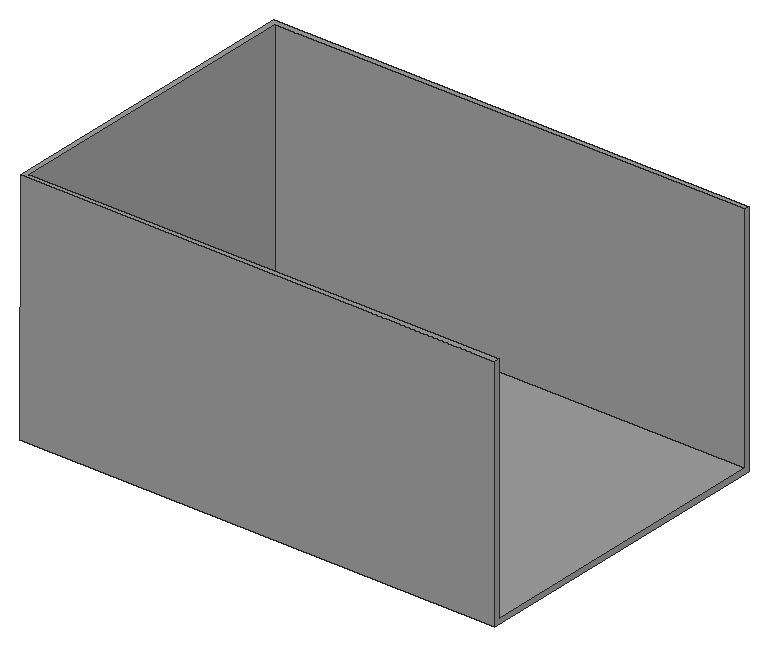
Revit family "Flashing_Preformed_Hyload_StopEnd", category Generic Models, Revit 2014
Parameters (values of type "4 inch")
  Unit Width = 0' - 4"
  Unit Height = 0' - 3"
  Unit Depth = 0' - 6"
  URL = "http://www.hyload.com/"
  Thickness = 0' - 0 1/16"
  Specification = "http://www.arcat.com/sdspecs/htm04/07_65_00hyl.htm"
  Sales Information = "http://www.hyload.com/contact-us"
  Revision = "R1_12-2015"
  Product Properties = "http://www.hyload.com/masonry-flashing/preformed-shapes/"
  Product Data = "http://www.arcat.com/arcatcos/cos33/arc33176.html"
  Model = "4 in Stop End"
  Manufacturer Website = "http://www.hyload.com/"
  Manufacturer Phone - Toll Free = "800-457-4056"
  Manufacturer Phone = "330-769-3546"
  Manufacturer Fax = "330-769-4153"
  Manufacturer Address = "5020 Panther Pkwy., Seville, OH 44273"
  Manufacturer = "Hyload"
  Keynote = "07 65 00"
  Flashing Material = Hyload Flashing Membrane - Grey
  Drawn By = "Robert S. Weygant / Sumex Design"
  Description = "Preformed Hyload Masonry Flashing - 4 in Stop End"
  Copyright = "(c) ARCAT, Inc, 2015"
  Construction Details = "http://www.arcat.com/details/hyload/hyload.html?coid=33176"
  Assembly Code = "B3010400"
Types (3): name | Unit Width | Model | Description
  4 inch | 0' - 4" | "4 in Stop End" | "Preformed Hyload Masonry Flashing - 4 in Stop End"
  6 inch | 0' - 6" | "6 in Stop End" | "Preformed Hyload Masonry Flashing - 6 in Stop End"
  8 inch | 0' - 8" | "8 in Stop End" | "Preformed Hyload Masonry Flashing - 8 in Stop End"
Reference planes (in)
  plane 1 "Center (Front/Back)": y = 0
  plane 2: z = 0
  plane 3 "Center (Left/Right)": x = 0
  plane 4: y = 4
  plane 5: x = 6
  plane 6: z = 3
Forms (in)
  Extrusion 1, solid, material "Hyload Flashing Membrane - Grey" <- "Flashing Material"
    sketch origin (0, 0, 0) x (1, 0, 0) y (0, 1, 0)
      loop
        line (0, 4) -> (0, 0) -> (6, 0) -> (6, 4) -> (0, 4)
    from 0 to 0.0625 <- "Thickness"
  Extrusion 2, solid, material "Hyload Flashing Membrane - Grey" <- "Flashing Material"
    sketch origin (0, 0, 0) x (1, 0, 0) y (0, 1, 0)
      loop
        line (0, 4) -> (0, 0) -> (6, 0) -> (6, 0.0625) -> (0.0625, 0.0625) -> (0.0625, 3.9375) -> (6, 3.9375) -> (6, 4) -> (0, 4)
    from 0 to 3 <- "Unit Height"
Cuts and joins
  joined: Extrusion 1, Extrusion 2
Dimensions and locks (in)
  "Unit Width": plane 1 "Center (Front/Back)" to plane 4
  "Unit Depth": plane 3 "Center (Left/Right)" to plane 5
  "Unit Height": plane 6 to level
  "Thickness": plane 1 "Center (Front/Back)" to Extrusion 2 sketch curve
  "Thickness": plane 3 "Center (Left/Right)" to Extrusion 2 sketch curve
  plane 3 "Center (Left/Right)" to Extrusion 2 = 0' - 6"
  "Thickness": plane 4 to Extrusion 2 sketch curve
  aligned and locked: plane 2 to level
  aligned and locked: Extrusion 1 sketch curve to plane 4
  aligned and locked: plane 3 "Center (Left/Right)" to Extrusion 1 sketch curve
  aligned and locked: Extrusion 1 sketch curve to plane 1 "Center (Front/Back)"
  aligned and locked: Extrusion 1 sketch curve to plane 5
  aligned and locked: plane 4 to Extrusion 2 sketch curve
  aligned and locked: Extrusion 2 sketch curve to plane 3 "Center (Left/Right)"
  aligned and locked: plane 1 "Center (Front/Back)" to Extrusion 2 sketch curve
  aligned and locked: plane 5 to Extrusion 2 sketch curve  (x2)
  aligned and locked: Extrusion 2 to level
